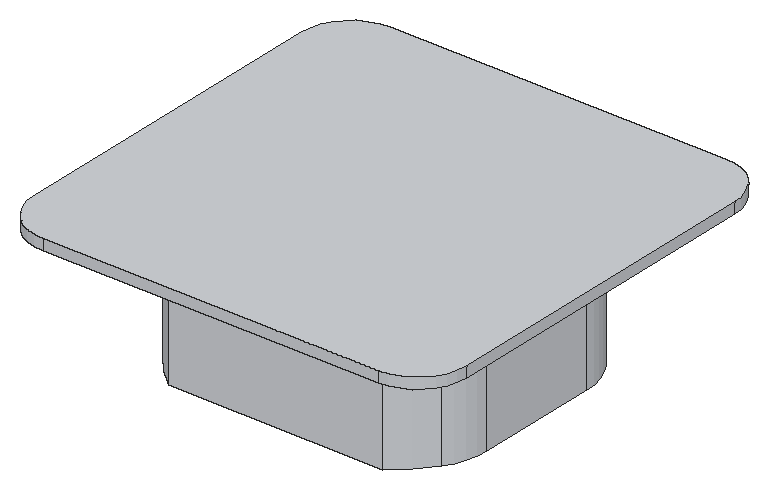
Revit family "Gira_541500", category Electrical Fixtures, host Face, Revit 2017
Family settings
  Host = Face
  Maintain Annotation Orientation = Yes
  Round Connector Dimension = Use Diameter
  Part Type = Normal
  Cut with Voids When Loaded = No
  Shared = No
  Room Calculation Point = No
Parameters (values of type "S3000 Jal.steuereins. o.Nebenst.eing. Einsatz")
  Zusammenstellung = "Basiselement"
  Zufallsgenerator = "No"
  Werkstoffgüte = "sonstige"
  Werkstoff = "sonstige"
  URL = "http://katalog.gira.de/de_DE/datenblatt.html?artikelnr=541500"
  Transparent = "No"
  Region = "DE"
  Oberfläche = "sonstige"
  Nennspannung = "230 Volt"
  Nebenstelleneingang = "No"
  Name = "S3000 Jal.steuereins. o.Nebenst.eing. Einsatz"
  Montageart = "unter Putz"
  Mit Memory-Funktion = "No"
  Mit Helligkeitssensoranschluss = "No"
  Mit Glasbruchmelderanschluss = "No"
  Mit Astro-Programm = "No"
  Max. Schaltleistung = "1000 Voltampere"
  Manufacturer URL = "https://www.gira.de/"
  Keynote = "Einsatz_1fach"
  Integrierte Zeitschaltuhr = "No"
  HeinzeBIM = "https://bimportal.heinze.de/bim/s3000-jal-steuereins-o-nebenst-eing-einsatz/0b1642b70a66b0a4081669d45bbb402bbd8350eb"
  Halogenfrei = "No"
  HAN = "541500"
  Geeignet für Windsensor = "No"
  Geeignet für Schutzart (IP) = "IP20"
  Geeignet für Regensensor = "No"
  GTIN = "4010337027416"
  Farbe = "sonstige"
  Default Elevation = 1219.2 mm
  Data sheet (1) = "https://katalog.gira.de/de_DE/download.html?artikelnr=541500"
  Category = "Jalousiesteuerung"
  Befestigungsart = "Krallen-/Schraubbefestigung"
  Available = "Yes"
  Aussperrsicherung = "No"
  Ausführung der Oberfläche = "nicht zutreffend"
Reference planes
  plane 1 "Center (Front/Back)": y = 0
  plane 2: z = 0
  plane 3 "Center (Left/Right)": x = 0
Forms (mm)
  Extrusion 1, solid, detail levels fine
    sketch origin (0, 0, 0) x (1, 0, 0) y (0, 1, 0)
      loop
        line (27.475, 35.475) -> (-27.475, 35.475)
        arc (-27.475, 35.475) -> (-33.132, 33.132) -> (-35.475, 27.475) r 8
        line (-35.475, 27.475) -> (-35.475, -27.475)
        arc (-35.475, -27.475) -> (-33.132, -33.132) -> (-27.475, -35.475) r 8
        line (-27.475, -35.475) -> (27.475, -35.475)
        arc (27.475, -35.475) -> (33.132, -33.132) -> (35.475, -27.475) r 8
        line (35.475, -27.475) -> (35.475, 27.475)
        arc (35.475, 27.475) -> (33.132, 33.132) -> (27.475, 35.475) r 8
    from 0 to 1.8
  Extrusion 2, solid, detail levels fine
    sketch origin (0, 0, 0) x (1, 0, 0) y (0, 1, 0)
      loop
        line (9.678, 25.4) -> (-9.678, 25.4)
        arc (-9.678, 25.4) -> (-12.885, 24.922) -> (-15.814, 23.53) r 11
        arc (-15.814, 23.53) -> (-17.795, 22.07) -> (-19.641, 20.444) r 28.35
        arc (-19.641, 20.444) -> (-21.339, 18.665) -> (-22.876, 16.745) r 28.35
        arc (-22.876, 16.745) -> (-24.456, 13.666) -> (-25, 10.248) r 11
        line (-25, 10.248) -> (-25, -10.248)
        arc (-25, -10.248) -> (-24.456, -13.666) -> (-22.876, -16.745) r 11
        arc (-22.876, -16.745) -> (-20.409, -19.677) -> (-17.569, -22.25) r 28.35
        line (-17.569, -22.25) -> (17.569, -22.25)
        arc (17.569, -22.25) -> (20.409, -19.677) -> (22.876, -16.745) r 28.35
        arc (22.876, -16.745) -> (24.456, -13.666) -> (25, -10.248) r 11
        line (25, -10.248) -> (25, 10.248)
        arc (25, 10.248) -> (24.456, 13.666) -> (22.876, 16.745) r 11
        arc (22.876, 16.745) -> (21.593, 18.37) -> (20.195, 19.897) r 28.35
        arc (20.195, 19.897) -> (18.096, 21.823) -> (15.814, 23.53) r 28.35
        arc (15.814, 23.53) -> (12.885, 24.922) -> (9.678, 25.4) r 11
    from 0 to -22
  Extrusion 3, solid, detail levels medium
    sketch origin (0, 0, 0) x (1, 0, 0) y (0, 1, 0)
      loop
        line (-25, 25.4) -> (-25, -22.25) -> (25, -22.25) -> (25, 25.4) -> (-25, 25.4)
    from 0 to -22
  Extrusion 4, solid, detail levels coarse
    sketch origin (0, 0, 0) x (1, 0, 0) y (0, 1, 0)
      loop
        line (35.475, 35.475) -> (-35.475, 35.475) -> (-35.475, -35.475) -> (35.475, -35.475) -> (35.475, 35.475)
    from -22 to 1.8
  Extrusion 5, solid, detail levels medium
    sketch origin (0, 0, 0) x (1, 0, 0) y (0, 1, 0)
      loop
        line (35.475, 35.475) -> (-35.475, 35.475) -> (-35.475, -35.475) -> (35.475, -35.475) -> (35.475, 35.475)
    from 0 to 1.8
Dimensions and locks
  aligned and locked: plane 2 to host face
  aligned and locked: level to host face
  aligned and locked: plane 3 "Center (Left/Right)" to nested 1
  aligned and locked: plane 1 "Center (Front/Back)" to nested 1
Nested families
  nested 1: "RJ45-Datendose Beschriftung" at (0, 0, 0), type "RJ45-Datendose Beschriftung"
Connectors
  electrical at (0, 0, -22)
    settings: on Extrusion 4, index 1, voltage 220 V, apparent load 0 VA, apparent load phase1 0 VA, apparent load phase2 0 VA, apparent load phase3 0 VA, power factor 1, load classification "Other", number of poles 1, system type 30, power factor state 1, is connector primary yes, connector utility no, sub classification motor no, connector description ""
Definition of nested family "RJ45-Datendose Beschriftung"
  Reference planes
    plane 1: y = 0
    plane 2: x = 0
  Lines and regions (mm)
    Filled region 1, type "Gefüllter Bereich 1"
      outline origin (0, 0, 0) x (1, 0, 0) y (0, 1, 0)
        loop
          circle (0, 2.4) r 0.4
    detail lines
      curve 1: line (0, 0, 0) -> (0, 2, 0)
      curve 2: line (0, 2, 0) -> (1.2, 2, 0)
      curve 3: line (1.2, 2, 0) -> (1.2, 3.6, 0)
      curve 4: circle (0, 2.4, 0) r 0.4 normal (0, 0, 1)
      curve 5: line (0, 2, 0) -> (-1.2, 2, 0)
      curve 6: line (-1.2, 2, 0) -> (-1.2, 3.6, 0)
